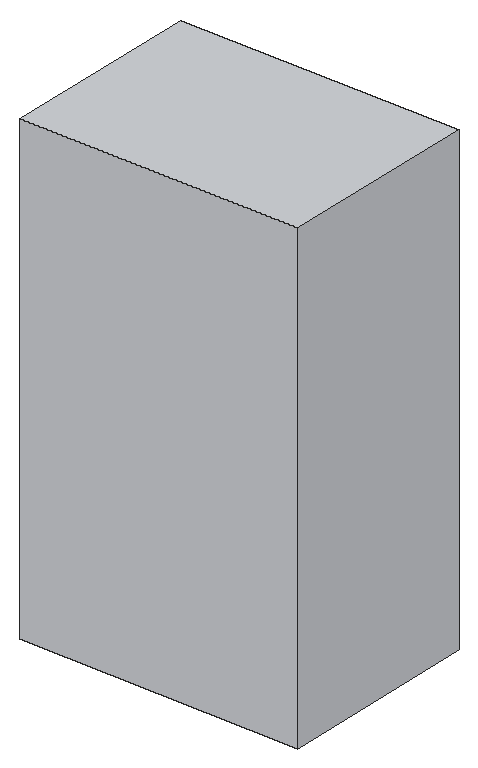
Revit family
Parameters
  Warranty Duration (Years) = 0
  Unit Width [instance] = 0' - 0"
  Unit Height [instance] = 0' - 0"
  Unit Depth = 0' - 0"
  URL = "http://www.americanspecialties.com/viewCategories.cfm"
  Test Data = ""
  Specification = "http://www.arcat.com/sdspecs/htm/10810asi.htm"
  SpecWizard = ""
  Send Message = "http://www.arcat.com/users.pl?action=UserEmail&company=American%20Specialties,%20Inc.&coid=30448&rep=139&fax=914-476-0688&mf="
  Sales Information = "http://www.americanspecialties.com/contact"
  Revision = "R1_10-2010"
  Product Properties = "http://www.americanspecialties.com/datasheets/0031.pdf"
  Product Data = "http://www.arcat.com/arcatcos/cos30/arc30448.html"
  Trim Material = Metal - Stainless Steel
  Paper Roll = Paper
  Body Material = Metal - Stainless Steel
  Model = "As Specified in 10 28 13"
  Manufacturer Website = "http://www.americanspecialties.com/viewCategories.cfm"
  Manufacturer Phone - Toll Free = ""
  Manufacturer Phone = "914-476-9000 "
  Manufacturer Fax = "914-476-0688"
  Manufacturer Address = "441 Saw Mill River Rd., Yonkers, NY 10701"
  Manufacturer = "American Specialties, Inc."
  Maintenance Schedule (Months) = 0
  Keynote = "10 28 13"
  Installation-Fabrication = "http://www.americanspecialties.com/products.cfm"
  Green Building-LEED = ""
  Expected Lifespan (Years) = 0
  Drawn By = "Robert S. Weygant. CSI, CDT, SCIP"  # constant formula
  Description = "Toilet Accessory as Specified in 10 28 13"
  Default Elevation = 4' - 0"
  Copyright = "©Arcat Inc."
  Construction Details = "http://www.arcat.com/green/clients/leed_data_30448.html"
  Building Codes = "http://www.americanspecialties.com/products.cfm"
  Assembly Code = "C1030210"
Reference planes (in)
  plane 1 "Center (Front/Back)": y = -0.29112
  plane 2 "Floor Line": z = 0
  plane 3 "Center (Left/Right)": x = -0.65843
  plane 4: y = 5.70888
  plane 5: y = -6.29112
  plane 6: x = -3.65843
  plane 7: x = 2.34157
  plane 8: z = 6.5
  plane 9: x = -4.65843
  plane 10: x = 3.34157
  plane 11: y = 6.70888
  plane 12: y = -7.29112
Forms (in)
  Extrusion 1, solid
    sketch origin (-3.62887, -9, -6) x (0, 0, -1) y (1, 0, 0)
      loop
        line (-82, 26) -> (-82, -19.34712) -> (-6, -19.34712) -> (-6, 26) -> (-82, 26)
    from 8.29112 to -24.38084
  Extrusion 2, solid, material "Metal - Stainless Steel" <- "Body Material"
    sketch origin (-10.05294, 1.25001, -3.5) x (1, 0, 0) y (0, 1, 0)
      loop
        line (6.39451, 4.45887) -> (6.39451, -7.54113) -> (12.39451, -7.54113) -> (12.39451, 4.45887) -> (6.39451, 4.45887)
      loop
        arc (10.51951, -4.85363) -> (10.39451, -4.97863) -> (10.51951, -5.10363) r 0.125
        line (10.51951, -5.10363) -> (11.26951, -5.10363)
        arc (11.26951, -5.10363) -> (11.39451, -4.97863) -> (11.26951, -4.85363) r 0.125
        line (11.26951, -4.85363) -> (10.51951, -4.85363)
      loop
        arc (7.76951, 1.7105) -> (7.89451, 1.24399) -> (8.01951, 1.7105) r 0.25
        line (8.01951, 1.7105) -> (8.01951, 2.02789)
        arc (8.01951, 2.02789) -> (7.89451, 2.15289) -> (7.76951, 2.02789) r 0.125
        line (7.76951, 2.02789) -> (7.76951, 1.7105)
      loop
        line (8.26951, -4.85363) -> (7.51951, -4.85363)
        arc (7.51951, -4.85363) -> (7.39451, -4.97863) -> (7.51951, -5.10363) r 0.125
        line (7.51951, -5.10363) -> (8.26951, -5.10363)
        arc (8.26951, -5.10363) -> (8.39451, -4.97863) -> (8.26951, -4.85363) r 0.125
      loop
        line (11.01951, 1.7105) -> (11.01951, 2.02789)
        arc (11.01951, 2.02789) -> (10.89451, 2.15289) -> (10.76951, 2.02789) r 0.125
        line (10.76951, 2.02789) -> (10.76951, 1.7105)
        arc (10.76951, 1.7105) -> (10.89451, 1.24399) -> (11.01951, 1.7105) r 0.25
    from 0 to 3.5
  Extrusion 3, void
    sketch origin (0, 0.12501, -3.5) x (1, 0, 0) y (0, 1, 0)
      loop
        line (-3.56468, 5.55541) -> (-3.56468, -6.37927) -> (2.24782, -6.37927) -> (2.24782, 5.55541) -> (-3.56468, 5.55541)
    from 0.04152 to 3.5
  Extrusion 4, solid, material "Metal - Stainless Steel" <- "Body Material"
    sketch origin (-0.65843, 0, -3.75) x (0, 1, 0) y (0, 0, 1)
      loop
        line (5.70888, 3.75) -> (5.70888, 5.63895) -> (0.89638, 6.75) -> (-0.10362, 3.75) -> (5.70888, 3.75)
    from -3 to 3
  Extrusion 5, void
    sketch origin (-0.65843, 0, -3.5) x (0, 1, 0) y (0, 0, 1)
      loop
        line (5.68042, 3.5) -> (5.68042, 5.36309) -> (0.88635, 6.46989) -> (-0.10362, 3.5) -> (5.68042, 3.5)
    from -2.90625 to 2.90625
  Extrusion 6, solid, material "Metal - Stainless Steel" <- "Body Material"
    sketch origin (2.24782, 0.12501, -3.75) x (0, 1, 0) y (0, 0, 1)
      loop
        line (-6.41613, 3.75) -> (5.58387, 3.75) -> (5.58387, 4.25) -> (-6.41613, 4.25) -> (-6.41613, 3.75)
    from -0.36432 to 0.09375
  Extrusion 7, solid, material "Metal - Stainless Steel" <- "Body Material"
    sketch origin (-3.56468, 0.12501, -3.75) x (0, 1, 0) y (0, 0, -1)
      loop
        line (-6.41613, -3.75) -> (-6.41613, -4.25) -> (5.58387, -4.25) -> (5.58387, -3.75) -> (-6.41613, -3.75)
    from -0.36432 to 0.09375
  Extrusion 8, solid, material "Metal - Stainless Steel" <- "Trim Material"
    sketch origin (0.42776, 1.23483, 2.92186) x (0, 0.97437, -0.224951) y (-1, 0, 0)
      loop
        circle (3.55171, 1.08619) r 0.5
      loop
        line (3.84722, 1.13941) -> (3.26828, 1.13941) -> (3.26828, 1.03297) -> (3.84722, 1.03297) -> (3.84722, 1.13941)
    from 0 to 0.11409
  Extrusion 9, solid, material "Metal - Stainless Steel" <- "Body Material"
    sketch origin (0, 0, 0) x (1, 0, 0) y (0, 1, 0)
      loop
        line (-4.65843, 6.70888) -> (-4.65843, -7.29112) -> (3.34157, -7.29112) -> (3.34157, 6.70888) -> (-4.65843, 6.70888)
      loop
        line (-3.56468, 5.68042) -> (-3.56468, -6.25426) -> (2.24782, -6.25426) -> (2.24782, 5.68042) -> (-3.56468, 5.68042)
    from 0 to 0.25
  Extrusion 10, void
    sketch origin (0, 0, 0) x (1, 0, 0) y (0, 1, 0)
      loop
        line (-3.65843, 5.70888) -> (-3.65843, -6.29112) -> (2.34157, -6.29112) -> (2.34157, 5.70888) -> (-3.65843, 5.70888)
    from -3.5 to 0.5
  Extrusion 11, solid, material "Paper" <- "Paper Roll"
    sketch origin (-0.6598, -19.33968, 7.80339) x (0, 1, 0) y (0, 0, 1)
      loop
        circle (16.12061, -8.30339) r 2.625
    from -2.54193 to 2.54193
  Extrusion 12, solid, material "Paper" <- "Paper Roll"
    sketch origin (-0.6598, 18.76331, 7.80339) x (0, -1, 0) y (0, 0, -1)
      loop
        circle (16.12061, 8.30339) r 2.625
    from -2.54193 to 2.54193
  Extrusion 13, solid, material "Metal - Stainless Steel" <- "Body Material"
    sketch origin (2.24782, 0.12501, -3.75) x (0, 1, 0) y (0, 0, 1)
      loop
        line (-6.41613, 3.75) -> (5.58387, 3.75) -> (5.58387, 4.25) -> (-6.41613, 4.25) -> (-6.41613, 3.75)
    from -0.36432 to 0.09375
  Extrusion 14, solid, material "Metal - Stainless Steel" <- "Body Material"
    sketch origin (-3.56468, 0.12501, -3.75) x (0, 1, 0) y (0, 0, -1)
      loop
        line (-6.41613, -3.75) -> (-6.41613, -4.25) -> (5.58387, -4.25) -> (5.58387, -3.75) -> (-6.41613, -3.75)
    from -0.36432 to 0.09375
  Extrusion 15, void
    sketch origin (0, 0, 0) x (1, 0, 0) y (0, 1, 0)
      loop
        line (-3.65843, 5.70888) -> (-3.65843, -6.29112) -> (2.34157, -6.29112) -> (2.34157, 5.70888) -> (-3.65843, 5.70888)
    from 0 to -3.5
Cuts and joins
  Extrusion 3, Extrusion 5 cuts Extrusion 2
  Extrusion 10 cuts Extrusion 9
  joined: Extrusion 2, Extrusion 9
  Extrusion 5, Extrusion 15 cuts Extrusion 4
  Extrusion 10, Extrusion 15 cuts Extrusion 6
  Extrusion 10, Extrusion 15 cuts Extrusion 7
  joined: Extrusion 4, Extrusion 6, Extrusion 7
  Extrusion 15 cuts Extrusion 13
  Extrusion 15 cuts Extrusion 14
Dimensions and locks (in)
  aligned and locked: cut or joined group of Extrusion 2, Extrusion 3, Extrusion 5, Extrusion 9, Extrusion 10 to Extrusion 4
  aligned and locked: Extrusion 4 to cut or joined group of Extrusion 2, Extrusion 3, Extrusion 5, Extrusion 9, Extrusion 10
  aligned and locked: Extrusion 4 to Extrusion 5 sketch curve
  aligned and locked: Extrusion 5 to Extrusion 3  (x2)
  aligned and locked: Extrusion 3 to Extrusion 5
  aligned and locked: cut or joined group of Extrusion 4, Extrusion 5, Extrusion 6, Extrusion 7, Extrusion 10, Extrusion 15 to Extrusion 6 sketch curve
  aligned and locked: cut or joined group of Extrusion 4, Extrusion 5, Extrusion 6, Extrusion 7, Extrusion 10, Extrusion 15 to plane 4
  aligned and locked: plane 4 to Extrusion 2 sketch curve
  aligned and locked: Extrusion 2 sketch curve to plane 5
  aligned and locked: plane 6 to Extrusion 2 sketch curve
  aligned and locked: Extrusion 2 sketch curve to plane 7
  aligned and locked: plane 5 to Extrusion 7
  aligned and locked: plane 5 to Extrusion 6
  aligned and locked: Extrusion 7 to cut or joined group of Extrusion 2, Extrusion 3, Extrusion 5, Extrusion 9, Extrusion 10
  aligned and locked: Extrusion 2 to cut or joined group of Extrusion 4, Extrusion 5, Extrusion 6, Extrusion 7, Extrusion 10, Extrusion 15
  aligned and locked: cut or joined group of Extrusion 4, Extrusion 5, Extrusion 6, Extrusion 7, Extrusion 10, Extrusion 15 to Extrusion 5 sketch curve
